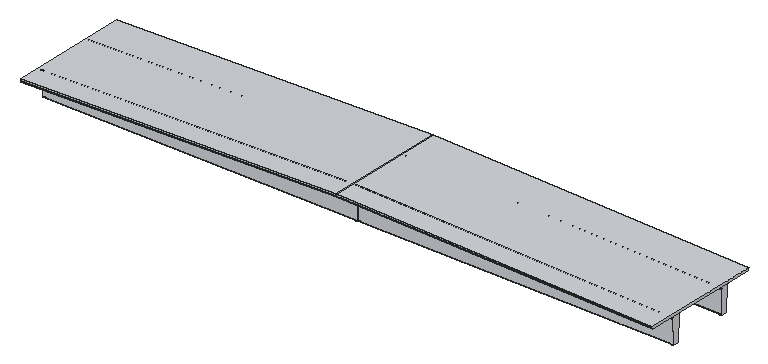
Revit family "TTS72-A_Precast-Rib deck with Slope_Spæncom", category Structural Framing, Revit 2014
Parameters (values of type "TTS 72-A")
  r2 = 10 mm  # constant formula
  r = 50 mm  # constant formula
  Type Comments = "Slope 1:40"
  TTS plate width side 2 (597mm) [instance] = 597.003 mm
  TTS plate width side 1 (597mm) [instance] = 597.003 mm
  TTS plate actual width [instance] = 2394.006 mm
  TTS height right [instance] = 563.76 mm
  TTS height left [instance] = 563.76 mm
  TTS height = 720 mm  # constant formula
  Structural Material [instance] = (empty or 0)
  Slope TTS = 1.432°  # constant formula
  Rib width = 100 mm  # constant formula
  Rib distance = 1200 mm  # constant formula
  Plate thickness = 50 mm  # constant formula
  Model = "TTS72-A"
  Manufacturer = "Spæncom"
  Length [instance] = 13000 mm
  Lenght to KIP right [instance] = 6500 mm
Reference planes
  plane 1 "Center (Front/Back)": y = 0
  plane 2 "Center Elevation": z = 0
  plane 3 "Center (Left/Right)": x = 0
  plane 4 "Left": x = -6500
  plane 5 "Member Left": x = -6250
  plane 6 "Stick Symbol Left": x = -6000
  plane 7 "Right": x = 6500
  plane 8 "Member Right": x = 6250
  plane 9 "Stick Symbol Right": x = 6000
  plane 10: y = 1197.003
  plane 11: y = -1197.003
  plane 12: y = -600
  plane 13: y = 600
  plane 14: z = 360
  plane 15: z = -360
  plane 16: through (12192, 527.521, 201.983) normal (0, 0.9992, 0.04)
  plane 17: through (12192, 652.784, -290.4) normal (0, -0.9992, 0.04)
  plane 18: through (12192, -672.479, 201.983) normal (0, 0.9992, 0.04)
  plane 19: through (12192, -547.216, -290.4) normal (0, -0.9992, 0.04)
  plane 20: z = 310
  plane 21: x = 0
Forms (mm)
  Extrusion 1, solid
    sketch origin (0, 0, 0) x (1, 0, 0) y (0, 0, 1)
      loop
        line (0, 360) -> (0, 309.984) -> (6250, 153.745) -> (6250, 203.76) -> (0, 360)
    from -1197.003 to 1197.003
  Sweep 2, void
    path in 3D
      loop
        line (-202.984, -1197.003, 315.059) -> (6494.923, -1197.003, 147.622)
    profile origin (3145.97, -1197.003, 231.34) x (0.024991, 0, 0.999688) y (0, -1, 0)
      loop
        line (0, -23) -> (19.994, -3) -> (49.984, 0) -> (0, 0) -> (0, -23)
  Sweep 3, void
    path in 3D
      loop
        line (6499.922, 1197.003, 147.497) -> (-217.979, 1197.003, 315.433)
    profile origin (3140.971, 1197.003, 231.465) x (0.024991, 0, 0.999688) y (0, 1, 0)
      loop
        line (19.994, -3) -> (49.984, 0) -> (0, 0) -> (0, -23) -> (19.994, -3)
  SweptBlend 4, solid
    path origin (0, 0, 0) x (1, 0, 0) y (0, 1, 0)
      loop
        line (6250, 600) -> (0, 600)
    profile origin (6250, 600, 0) x (0, -1, 0) y (0, 0, 1)
      loop
        line (50.384, -350.4) -> (68.63, 105.743)
        arc (68.63, 105.743) -> (83.948, 139.8) -> (118.59, 153.745) r 50
        line (118.59, 153.745) -> (-118.59, 153.745)
        arc (-118.59, 153.745) -> (-83.948, 139.8) -> (-68.63, 105.743) r 50
        line (-68.63, 105.743) -> (-50.384, -350.4)
        arc (-50.384, -350.4) -> (-47.32, -357.211) -> (-40.392, -360) r 10
        line (-40.392, -360) -> (40.392, -360)
        arc (40.392, -360) -> (47.32, -357.211) -> (50.384, -350.4) r 10
    end profile origin (0, 600, 0) x (0, -1, 0) y (0, 0, 1)
      loop
        arc (74.88, 261.998) -> (90.198, 296.055) -> (124.84, 310) r 50
        line (124.84, 310) -> (-124.84, 310)
        arc (-124.84, 310) -> (-90.198, 296.055) -> (-74.88, 261.998) r 50
        line (-74.88, 261.998) -> (-50.384, -350.4)
        arc (-50.384, -350.4) -> (-47.32, -357.211) -> (-40.392, -360) r 10
        line (-40.392, -360) -> (40.392, -360)
        arc (40.392, -360) -> (47.32, -357.211) -> (50.384, -350.4) r 10
        line (50.384, -350.4) -> (74.88, 261.998)
  SweptBlend 5, solid
    path origin (0, -1200, 0) x (1, 0, 0) y (0, 1, 0)
      loop
        line (6250, 600) -> (0, 600)
    profile origin (6250, -600, 0) x (0, -1, 0) y (0, 0, 1)
      loop
        line (50.384, -350.4) -> (68.63, 105.743)
        arc (68.63, 105.743) -> (83.948, 139.8) -> (118.59, 153.745) r 50
        line (118.59, 153.745) -> (-118.59, 153.745)
        arc (-118.59, 153.745) -> (-83.948, 139.8) -> (-68.63, 105.743) r 50
        line (-68.63, 105.743) -> (-50.384, -350.4)
        arc (-50.384, -350.4) -> (-47.32, -357.211) -> (-40.392, -360) r 10
        line (-40.392, -360) -> (40.392, -360)
        arc (40.392, -360) -> (47.32, -357.211) -> (50.384, -350.4) r 10
    end profile origin (0, -600, 0) x (0, -1, 0) y (0, 0, 1)
      loop
        arc (74.88, 261.998) -> (90.198, 296.055) -> (124.84, 310) r 50
        line (124.84, 310) -> (-124.84, 310)
        arc (-124.84, 310) -> (-90.198, 296.055) -> (-74.88, 261.998) r 50
        line (-74.88, 261.998) -> (-50.384, -350.4)
        arc (-50.384, -350.4) -> (-47.32, -357.211) -> (-40.392, -360) r 10
        line (-40.392, -360) -> (40.392, -360)
        arc (40.392, -360) -> (47.32, -357.211) -> (50.384, -350.4) r 10
        line (50.384, -350.4) -> (74.88, 261.998)
  Extrusion 6, solid
    sketch origin (0, 0, 0) x (-1, 0, 0) y (0, 0, -1)
      loop
        line (0, -360) -> (6250, -203.76) -> (6250, -153.745) -> (0, -309.984) -> (0, -360)
    from -1197.003 to 1197.003
  Sweep 7, void
    path in 3D
      loop
        line (-6492.972, -1197.003, 147.671) -> (144.955, -1197.003, 313.608)
    profile origin (-3174.008, -1197.003, 230.64) x (-0.024991, 0, 0.999688) y (0, -1, 0)
      loop
        line (0, -23) -> (19.994, -3) -> (49.984, 0) -> (0, 0) -> (0, -23)
  SweptBlend 8, solid
    path origin (0, 0, 0) x (-1, 0, 0) y (0, 1, 0)
      loop
        line (6250, 600) -> (0, 600)
    profile origin (-6250, 600, 0) x (0, 1, 0) y (0, 0, 1)
      loop
        arc (-50.384, -350.4) -> (-47.32, -357.211) -> (-40.392, -360) r 10
        line (-40.392, -360) -> (40.392, -360)
        arc (40.392, -360) -> (47.32, -357.211) -> (50.384, -350.4) r 10
        line (50.384, -350.4) -> (68.63, 105.743)
        arc (68.63, 105.743) -> (83.948, 139.8) -> (118.59, 153.745) r 50
        line (118.59, 153.745) -> (-118.59, 153.745)
        arc (-118.59, 153.745) -> (-83.948, 139.8) -> (-68.63, 105.743) r 50
        line (-68.63, 105.743) -> (-50.384, -350.4)
    end profile origin (0, 600, 0) x (0, 1, 0) y (0, 0, 1)
      loop
        line (-74.88, 261.998) -> (-50.384, -350.4)
        arc (-50.384, -350.4) -> (-47.32, -357.211) -> (-40.392, -360) r 10
        line (-40.392, -360) -> (40.392, -360)
        arc (40.392, -360) -> (47.32, -357.211) -> (50.384, -350.4) r 10
        line (50.384, -350.4) -> (74.88, 261.998)
        arc (74.88, 261.998) -> (90.198, 296.055) -> (124.84, 310) r 50
        line (124.84, 310) -> (-124.84, 310)
        arc (-124.84, 310) -> (-90.198, 296.055) -> (-74.88, 261.998) r 50
  SweptBlend 9, solid
    path origin (0, -1200, 0) x (-1, 0, 0) y (0, 1, 0)
      loop
        line (6250, 600) -> (0, 600)
    profile origin (-6250, -600, 0) x (0, 1, 0) y (0, 0, 1)
      loop
        arc (-50.384, -350.4) -> (-47.32, -357.211) -> (-40.392, -360) r 10
        line (-40.392, -360) -> (40.392, -360)
        arc (40.392, -360) -> (47.32, -357.211) -> (50.384, -350.4) r 10
        line (50.384, -350.4) -> (68.63, 105.743)
        arc (68.63, 105.743) -> (83.948, 139.8) -> (118.59, 153.745) r 50
        line (118.59, 153.745) -> (-118.59, 153.745)
        arc (-118.59, 153.745) -> (-83.948, 139.8) -> (-68.63, 105.743) r 50
        line (-68.63, 105.743) -> (-50.384, -350.4)
    end profile origin (0, -600, 0) x (0, 1, 0) y (0, 0, 1)
      loop
        line (-74.88, 261.998) -> (-50.384, -350.4)
        arc (-50.384, -350.4) -> (-47.32, -357.211) -> (-40.392, -360) r 10
        line (-40.392, -360) -> (40.392, -360)
        arc (40.392, -360) -> (47.32, -357.211) -> (50.384, -350.4) r 10
        line (50.384, -350.4) -> (74.88, 261.998)
        arc (74.88, 261.998) -> (90.198, 296.055) -> (124.84, 310) r 50
        line (124.84, 310) -> (-124.84, 310)
        arc (-124.84, 310) -> (-90.198, 296.055) -> (-74.88, 261.998) r 50
  Sweep 10, void
    path in 3D
      loop
        line (108.014, 1197.003, 312.685) -> (-6250, 1197.003, 153.745)
    profile origin (-3070.993, 1197.003, 233.215) x (-0.024991, 0, 0.999688) y (0, 1, 0)
      loop
        line (0, -23) -> (19.994, -3) -> (49.984, 0) -> (0, 0) -> (0, -23)
Cuts and joins
  Sweep 2, Sweep 3 cuts Extrusion 1
  Sweep 7, Sweep 10 cuts Extrusion 6
Lines and regions (mm)
  sketch lines
    curve 1: line (-202.984, -1197.003, 315.059) -> (6494.923, -1197.003, 147.622)
    curve 2: line (6499.922, 1197.003, 147.497) -> (-217.979, 1197.003, 315.433)
    curve 3: line (-6492.972, -1197.003, 147.671) -> (144.955, -1197.003, 313.608)
    curve 4: line (108.014, 1197.003, 312.685) -> (-6250, 1197.003, 153.745)
Dimensions and locks
  "Length": plane 4 "Left" to plane 7 "Right"
  "TTS plate actual width": plane 10 to plane 11
  "Rib distance": plane 13 to plane 12
  equal spacing: plane 13, plane 1 "Center (Front/Back)", plane 12
  equal spacing: plane 14, level, plane 15
  "TTS height": plane 14 to plane 15
  "Plate thickness": Extrusion 1 sketch curve to Extrusion 1 sketch curve
  "Plate thickness": Extrusion 6 sketch curve to Extrusion 6 sketch curve
  locked: SweptBlend 9 sketch curve to SweptBlend 9 sketch curve at 48.002
  locked: SweptBlend 9 sketch curve to cut or joined group of Extrusion 6, Sweep 7, Sweep 10 at 48.002
  "Rib width": plane 16 to plane 17
  "Rib width": plane 18 to plane 19
  equal spacing: plane 16, plane 13, plane 17
  equal spacing: plane 18, plane 12, plane 19
  locked: SweptBlend 4 sketch curve to SweptBlend 4 sketch curve at 48.002  (x2)
  locked: SweptBlend 5 sketch curve to SweptBlend 5 sketch curve at 48.002  (x2)
  "Plate thickness": plane 20 to plane 14
  equal spacing: plane 19, plane 12, plane 18
  equal spacing: plane 17, plane 13, plane 16
  locked: SweptBlend 8 sketch curve to SweptBlend 8 sketch curve at 48.002  (x2)
  locked: cut or joined group of Extrusion 6, Sweep 7, Sweep 10 to SweptBlend 8 sketch curve at 50.016
  "TTS height left": cut or joined group of Extrusion 6, Sweep 7, Sweep 10 to plane 15
  "TTS height right": cut or joined group of Extrusion 1, Sweep 2, Sweep 3 to plane 15
  "Lenght to KIP right": plane 21 to plane 7 "Right"
  "TTS plate width side 1 (597mm)": plane 12 to plane 11
  "TTS plate width side 2 (597mm)": plane 10 to plane 13
  "r": radius of SweptBlend 4 sketch curve  (x4)
  "r2": radius of SweptBlend 4 sketch curve  (x4)
  "r": radius of SweptBlend 5 sketch curve  (x4)
  "r2": radius of SweptBlend 5 sketch curve  (x4)
  "r": radius of SweptBlend 8 sketch curve  (x4)
  "r2": radius of SweptBlend 8 sketch curve  (x4)
  "r": radius of SweptBlend 9 sketch curve  (x4)
  "r2": radius of SweptBlend 9 sketch curve  (x4)
  "Slope TTS": angle Extrusion 1 sketch curve to plane 14
  "Slope TTS": angle plane 14 to Extrusion 6 sketch curve
  aligned and locked: level to plane 2 "Center Elevation"
  aligned and locked: Extrusion 1 to plane 11
  aligned and locked: plane 10 to Extrusion 1
  aligned and locked: Extrusion 1 to plane 8 "Member Right"
  aligned and locked: plane 8 "Member Right" to SweptBlend 5 sketch curve
  aligned and locked: Extrusion 6 to plane 5 "Member Left"
  aligned and locked: plane 5 "Member Left" to SweptBlend 9 sketch curve
  aligned and locked: plane 15 to SweptBlend 5 sketch curve
  aligned and locked: SweptBlend 5 sketch curve to plane 15
  aligned and locked: SweptBlend 4 sketch curve to SweptBlend 8  (x2)
  aligned and locked: SweptBlend 9 sketch curve to plane 15
  aligned and locked: plane 15 to SweptBlend 9 sketch curve
  aligned and locked: SweptBlend 8 sketch curve to plane 15
  aligned and locked: plane 15 to SweptBlend 8 sketch curve
  aligned and locked: plane 5 "Member Left" to SweptBlend 8 sketch curve
  aligned and locked: cut or joined group of Extrusion 1, Sweep 2, Sweep 3 to SweptBlend 4 sketch curve
  aligned and locked: plane 17 to SweptBlend 4 sketch curve  (x2)
  aligned and locked: plane 16 to SweptBlend 4 sketch curve  (x2)
  aligned and locked: plane 19 to SweptBlend 5 sketch curve  (x2)
  aligned and locked: plane 18 to SweptBlend 5 sketch curve  (x2)
  aligned and locked: cut or joined group of Extrusion 1, Sweep 2, Sweep 3 to SweptBlend 5 sketch curve
  aligned and locked: SweptBlend 8 sketch curve to plane 16  (x2)
  aligned and locked: SweptBlend 8 sketch curve to plane 17  (x2)
  aligned and locked: SweptBlend 9 sketch curve to plane 18  (x2)
  aligned and locked: SweptBlend 9 sketch curve to plane 19  (x2)
  aligned and locked: SweptBlend 9 sketch curve to plane 20
  aligned and locked: SweptBlend 8 sketch curve to plane 20
  aligned and locked: plane 20 to SweptBlend 5 sketch curve
  aligned and locked: plane 20 to SweptBlend 4 sketch curve
  aligned and locked: plane 21 to cut or joined group of Extrusion 6, Sweep 7, Sweep 10
  aligned and locked: plane 21 to cut or joined group of Extrusion 1, Sweep 2, Sweep 3
  aligned and locked: plane 21 to SweptBlend 5 sketch curve
  aligned and locked: plane 21 to SweptBlend 4 sketch curve
  aligned and locked: plane 21 to SweptBlend 9 sketch curve
  aligned and locked: plane 21 to SweptBlend 8 sketch curve
  aligned and locked: Sweep 2 to Extrusion 1
  aligned and locked: Sweep 3 to Extrusion 1
  aligned and locked: plane 10 to Extrusion 6
  aligned and locked: Extrusion 6 to plane 11
Automatic sketch dimensions
  Sweep 2 sketch curve to profile plane = 0 mm  (x2)
  Sweep 2 sketch curve to profile plane = 3 mm
  Sweep 2 sketch curve to profile plane = 19.994 mm
  Sweep 2 sketch curve to Sweep 2 sketch curve = 29.991 mm
  Sweep 2 sketch curve to profile plane = 23 mm
  Sweep 3 sketch curve to profile plane = 0 mm  (x2)
  Sweep 3 sketch curve to profile plane = 3 mm
  Sweep 3 sketch curve to profile plane = 19.994 mm
  Sweep 3 sketch curve to Sweep 3 sketch curve = 29.991 mm
  Sweep 3 sketch curve to profile plane = 23 mm
  SweptBlend 4 sketch curve to SweptBlend 4 sketch curve = 9.992 mm  (x4)
  SweptBlend 5 sketch curve to SweptBlend 5 sketch curve = 9.992 mm  (x4)
  Sweep 7 sketch curve to profile plane = 0 mm
  profile plane to Sweep 7 sketch curve = 0 mm
  Sweep 7 sketch curve to profile plane = 3 mm
  Sweep 7 sketch curve to profile plane = 19.994 mm
  Sweep 7 sketch curve to Sweep 7 sketch curve = 29.991 mm
  Sweep 7 sketch curve to profile plane = 23 mm
  SweptBlend 9 sketch curve to SweptBlend 9 sketch curve = 9.992 mm  (x4)
  SweptBlend 9 sketch curve to SweptBlend 9 sketch curve = 49.96 mm  (x3)
  SweptBlend 4 sketch curve to SweptBlend 4 sketch curve = 49.96 mm  (x2)
  SweptBlend 5 sketch curve to SweptBlend 5 sketch curve = 49.96 mm  (x2)
  SweptBlend 8 sketch curve to SweptBlend 8 sketch curve = 49.96 mm  (x2)
  SweptBlend 8 sketch curve to SweptBlend 8 sketch curve = 9.992 mm  (x4)
  Extrusion 1 sketch curve to plane 3 "Center (Left/Right)" = 0 mm
  Extrusion 1 sketch curve to plane 14 = 0 mm
  Extrusion 1 sketch curve to plane 8 "Member Right" = 0 mm
  Extrusion 6 sketch curve to plane 3 "Center (Left/Right)" = 0 mm
  plane 5 "Member Left" to Extrusion 6 sketch curve = 0 mm
  Extrusion 6 sketch curve to plane 14 = 0 mm
  SweptBlend 5 sketch curve to plane 12 = 0 mm
  SweptBlend 4 sketch curve to plane 13 = 0 mm
  SweptBlend 4 sketch curve to plane 8 "Member Right" = 0 mm
  SweptBlend 9 sketch curve to plane 12 = 0 mm
  SweptBlend 8 sketch curve to plane 13 = 0 mm
  Sweep 10 sketch curve to profile plane = 0 mm
  profile plane to Sweep 10 sketch curve = 0 mm
  Sweep 10 sketch curve to profile plane = 3 mm
  Sweep 10 sketch curve to profile plane = 19.994 mm
  Sweep 10 sketch curve to profile plane = 23 mm
  Sweep 10 sketch curve to Sweep 10 sketch curve = 29.991 mm
